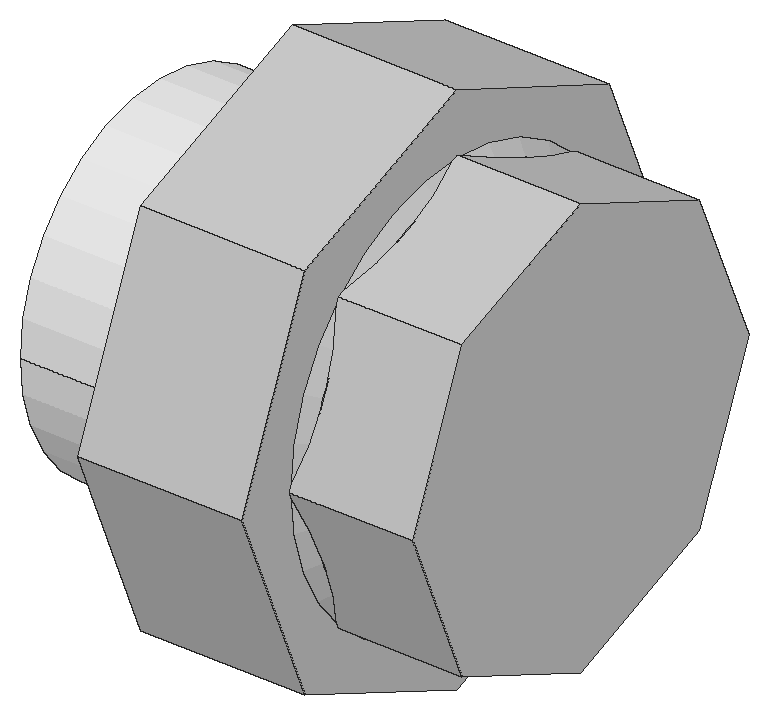
Revit family "PF_Соединение [фитинг полипропиленовый - разъемный с переходом на внутреннюю резьбу VTp.762.0]1 - VALTEC", category Соединительные детали трубопроводов, Revit 2019
Family settings
  Размер круглого соединителя = Использовать диаметр
  Тип детали = Соединение
  На основе рабочей плоскости = Нет
  Всегда вертикально = Да
  При загрузке вырезать с полостями = Нет
  Общий = Нет
Parameters (values of type "VTp.762.0")
  Таблица = "PF_Соединение [фитинг полипропиленовый - разъемный с переходом на внутреннюю резьбу VTp.762.0] - VALTEC"  # constant formula
  built-in parameter 1114238 [instance] = (empty or 0)
  Отразить [instance] = no
  Материал доп.1 = Сталь, нержавеющая - VALTEC
  Manufacturer = ""
  n [instance] = if(Отразить, 1 mm, 0 mm)  # 0 mm
  l9 [instance] = size_lookup(Таблица, "l9", 0 mm, n, d)  # 29 mm
  l8 [instance] = size_lookup(Таблица, "l8", 0 mm, n, d)  # 13 mm
  l6 [instance] = size_lookup(Таблица, "l6", 0 mm, n, d)  # 0 mm
  l4 [instance] = size_lookup(Таблица, "l4", 0 mm, n, d)  # 12.1 mm
  l3 [instance] = size_lookup(Таблица, "l3", 0 mm, n, d)  # 1 mm
  l2 [instance] = size_lookup(Таблица, "l2", 0 mm, n, d)  # 16 mm
  l10 [instance] = size_lookup(Таблица, "l10", 0 mm, n, d)  # 29 mm
  l1 [instance] = size_lookup(Таблица, "l1", 0 mm, n, d)  # 13 mm
  x2 [instance] = if(d < d2, dn2, 1 mm)  # 1 mm
  dn6 [instance] = size_lookup(Таблица, "dn6", 0 mm, n, d)  # 32 mm
  dn5 [instance] = size_lookup(Таблица, "dn5", 0 mm, n, d)  # 37.9 mm
  dn4 [instance] = size_lookup(Таблица, "dn4", 0 mm, n, d)  # 37.9 mm
  dn3 [instance] = size_lookup(Таблица, "dn3", 0 mm, n, d)  # 40.6 mm
  dn2 [instance] = size_lookup(Таблица, "dn2", 0 mm, n, d)  # 48.5 mm
  x1 [instance] = if(d < d2, 1 mm, dn2)  # 48.5 mm
  dn1 [instance] = size_lookup(Таблица, "dn1", 0 mm, n, d)  # 34 mm
  d2 [instance] = 25 mm
  d [instance] = 25 mm
  URL = "https://valtec.ru/"
  B [instance] = size_lookup(Таблица, "B", 0 mm, n, d)  # 16.5 mm
  ADSK_Примечание [instance] = ""
  ADSK_Позиция [instance] = ""
  ADSK_Обозначение [instance] = "VTp.762.0"  # constant formula
  ADSK_Наименование [instance] = size_lookup(Таблица, "", "Данный типоразмер отсутствует", n, d)  # "Фитинг разъемный полипропиленовый с переходом на внутреннюю резьбу, 25 мм х 1\""
  ADSK_Материал = Полипропилен - RGB 255 255 255
  ADSK_Масса [instance] = size_lookup(Таблица, "Масса", 0, n, d)  # 0.184
  ADSK_Марка [instance] = size_lookup(Таблица, "Маркировка", "Данный типоразмер отсутствует", n, d)  # "25х1\""
  ADSK_Код изделия [instance] = size_lookup(Таблица, "Код продукта", "Данный типоразмер отсутствует", n, d)  # "VTp.762.0.02506"
  ADSK_Завод-изготовитель [instance] = "VALTEC"  # constant formula
  ADSK_Единица измерения [instance] = "шт."  # constant formula
  ADSK_URL страницы изделия = "https://valtec.ru/catalog/sistemy_polipropilenovyh_truboprovodov/polipropilenovye_fitingi/fiting_razemnyj_polipropilenovyj_s_perehodom_na_vnutrennyuyu_rezbu.html"
  ADSK_URL документации изделия = "https://valtec.ru/document/technical/VTp.700-fitingi-0419.pdf"
  A [instance] = size_lookup(Таблица, "A", 0 mm, n, d)  # 41.1 mm
Reference planes
  plane 1 "По центру (Вперед/Назад)": y = 0
  plane 2: z = 0
  plane 3 "По центру (Влево/Вправо)": x = 0
  plane 4: x = -20.55
  plane 5: x = 20.55
  plane 6: y = -24.25
  plane 7: y = 24.25
  plane 8: y = -0.5
  plane 9: y = 0.5
  plane 10: x = -20.55
  plane 11: x = -7.55
  plane 12: x = 8.45
  plane 13: x = 9.45
  plane 14: x = 8.45
  plane 15: x = 20.55
  plane 16: x = -7.55
  plane 17: x = 8.45
Forms (mm)
  Extrusion 1, solid, material "Полипропилен - RGB 255 255 255" <- "ADSK_Материал", detail levels medium+fine
    sketch origin (0, 0, 0) x (0, 1, 0) y (0, 0, 1)
      loop
        circle (0, 0) r 17
    from -7.55 to -20.55
  Blend 2, solid, material "Сталь, нержавеющая - VALTEC" <- "Материал доп.1", detail levels medium+fine
    base sketch origin (0, 0, 0) x (0, 1, 0) y (0, 0, 1)
      loop
        circle (0, 0) r 20.3
    top sketch origin (0, 0, 0) x (0, 1, 0) y (0, 0, 1)
      loop
        circle (0, 0) r 18.95
    from 8.45 to 9.45
Lines and regions (mm)
  reference lines
    curve 1: line (20.55, 0, 0) -> (-20.55, 0, 0)
  model lines, detail levels coarse
    curve 2: line (-20.55, 24.25, 0) -> (20.55, 0.5, 0)
    curve 3: line (20.55, 0.5, 0) -> (20.55, -0.5, 0)
    curve 4: line (-20.55, 24.25, 0) -> (-20.55, -24.25, 0)
    curve 5: line (20.55, -0.5, 0) -> (-20.55, -24.25, 0)
Dimensions and locks
  equal spacing: plane 4, plane 3 "По центру (Влево/Вправо)", plane 5
  "A": plane 4 to plane 5
  equal spacing: plane 7, plane 1 "По центру (Вперед/Назад)", plane 6
  "x1": plane 7 to plane 6
  equal spacing: plane 8, plane 1 "По центру (Вперед/Назад)", plane 9
  "x2": plane 8 to plane 9
  "l1": plane 10 to plane 11
  "l2": plane 16 to plane 17
  "l3": plane 12 to plane 13
  "l4": plane 14 to plane 15
  "l8": plane 4 to plane 16
  "l9": plane 4 to plane 12
  "l10": plane 4 to plane 14
  "l6": plane 4 to plane 10
  "dn1": diameter of Extrusion 1 sketch curve
  "dn3": diameter of Blend 2 sketch curve
  "dn4": diameter of Blend 2 sketch curve
  aligned and locked: level to plane 2
  aligned and locked: plane 1 "По центру (Вперед/Назад)" to curve 1
  aligned and locked: plane 2 to Extrusion 1 sketch curve
  aligned and locked: plane 1 "По центру (Вперед/Назад)" to Extrusion 1 sketch curve
  aligned and locked: plane 2 to Blend 2 sketch curve  (x2)
  aligned and locked: plane 1 "По центру (Вперед/Назад)" to Blend 2 sketch curve  (x2)
  aligned and locked: plane 10 to Extrusion 1
  aligned and locked: Extrusion 1 to plane 11
  aligned and locked: plane 12 to Blend 2
  aligned and locked: Blend 2 to plane 13
  aligned and locked: plane 1 "По центру (Вперед/Назад)" to nested 1
  aligned and locked: plane 1 "По центру (Вперед/Назад)" to nested 2
  aligned and locked: plane 16 to nested 1
  aligned and locked: plane 14 to nested 2
  aligned and locked: plane 10 to curve 2
  aligned and locked: plane 15 to curve 2
  aligned and locked: plane 9 to curve 3
  aligned and locked: plane 8 to curve 3
  aligned and locked: plane 10 to curve 5
  aligned and locked: plane 6 to curve 4
  aligned and locked: plane 7 to curve 4
  aligned and locked: plane 5 to curve 1
  aligned and locked: plane 4 to curve 1
Nested families
  nested 1: "Гайка - горизонталь" at (0.45, 0, 0), d <- "dn2", l <- "l2", ADSK_Материал <- "Материал доп.1", type "Гайка - горизонталь", detail levels medium+fine
    with l 16 mm, d 48.5 mm, ADSK_Материал Сталь, нержавеющая - VALTEC
  nested 2: "Гайка - горизонталь" at (14.5, 0, 0), d <- "dn5", l <- "l4", ADSK_Материал <- "Материал доп.1", type "Гайка - горизонталь", detail levels medium+fine
    with l 12.1 mm, d 37.9 mm, ADSK_Материал Сталь, нержавеющая - VALTEC
Connectors
  piping at (20.55, 0, 0), diameter 25, driven by "d"
    settings: on curve 1, index 1, connector inside diameter 609.6 mm, connector length 0 mm, flow factor 0, pipe flow 0.0 L/s, pressure drop 0.0 Pa, fitting loss kfactor 0, connector angle 0.00°, fixture units 0, engagement length 0 mm, angle of deflection 0.00°, flow configuration 0, flow direction 0, fitting loss method 0, system type 28, joint type 0, gender type 0, connector reference index 2, connector utility 0, adjustable connector no, is connector primary yes, connector description ""
  piping at (-20.55, 0, 0), diameter 25, driven by "d2"
    settings: on curve 1, index 2, connector inside diameter 609.6 mm, connector length 0 mm, flow factor 0, pipe flow 0.0 L/s, pressure drop 0.0 Pa, fitting loss kfactor 0, connector angle 0.00°, fixture units 0, engagement length 0 mm, angle of deflection 0.00°, flow configuration 0, flow direction 0, fitting loss method 0, system type 28, joint type 0, gender type 0, connector reference index 1, connector utility 0, adjustable connector no, is connector primary no, connector description ""
Definition of nested family "Гайка - горизонталь"
  Parameters (values of type "Гайка - горизонталь")
    d [instance] = 588.881 mm
    l [instance] = 637.4 mm
    ADSK_Материал [instance] = none
  Reference planes
    plane 1 "По центру (Вперед/Назад)": y = 0
    plane 2: z = 0
    plane 3 "По центру (Влево/Вправо)": x = 0
    plane 4: y = 318.7
    plane 5: y = -318.7
    plane 6: through (0, -912.519, 2972.425) normal (0, -0.9239, -0.3827)
    plane 7: through (0, -1234.338, 2979.956) normal (0, -0.9239, -0.3827)
    plane 8: through (0, -1556.157, 2987.486) normal (0, -0.9239, -0.3827)
    plane 9: through (0, 1234.338, 2979.956) normal (0, -0.9239, 0.3827)
    plane 10: through (0, -2420.114, 1321.144) normal (0, -0.3827, -0.9239)
    plane 11: through (0, -2532.792, 1049.117) normal (0, -0.3827, -0.9239)
    plane 12: through (0, -2645.469, 777.089) normal (0, -0.3827, -0.9239)
    plane 13: through (0, 2420.114, 1321.144) normal (0, -0.3827, 0.9239)
    plane 14: through (0, 2532.792, 1049.117) normal (0, -0.3827, 0.9239)
    plane 15: through (0, 2645.469, 777.089) normal (0, -0.3827, 0.9239)
    plane 16: through (0, 912.519, 2972.425) normal (0, -0.9239, 0.3827)
    plane 17: through (0, 1234.338, 2979.956) normal (0, -0.9239, 0.3827)
    plane 18: through (0, 1556.157, 2987.486) normal (0, -0.9239, 0.3827)
    plane 19: x = 318.7
    plane 20: x = -318.7
  Forms (mm)
    Extrusion 1, solid, material <- "ADSK_Материал"
      sketch origin (0, 0, 0) x (0, 1, 0) y (0, 0, 1)
        loop
          line (0, 318.7) -> (-225.355, 225.355) -> (-318.7, 0) -> (-225.355, -225.355) -> (0, -318.7) -> (225.355, -225.355) -> (318.7, 0) -> (225.355, 225.355) -> (0, 318.7)
      from -318.7 to 318.7
  Lines and regions (mm)
    reference lines
      curve 1: line (0, -112.677, -272.027) -> (0, 112.677, 272.027)
      curve 2: line (0, -272.027, 112.677) -> (0, 272.027, -112.677)
  Dimensions and locks
    equal spacing: plane 4, plane 1 "По центру (Вперед/Назад)", plane 5
    locked: plane 4 to plane 5 at 637.4
    equal spacing: plane 8, plane 7, plane 6
    "d": plane 8 to plane 6
    equal spacing: plane 12, plane 11, plane 10
    "d": plane 12 to plane 10
    equal spacing: plane 15, plane 14, plane 13
    "d": plane 15 to plane 13
    equal spacing: plane 18, plane 17, plane 16
    "d": plane 18 to plane 16
    equal spacing: plane 20, plane 3 "По центру (Влево/Вправо)", plane 19
    "l": plane 20 to plane 19
    aligned and locked: level to plane 2
    aligned and locked: plane 10 to Extrusion 1 sketch curve
    aligned and locked: plane 13 to Extrusion 1 sketch curve
    aligned and locked: plane 16 to Extrusion 1 sketch curve
    aligned and locked: Extrusion 1 sketch curve to plane 8
    aligned and locked: Extrusion 1 sketch curve to plane 12
    aligned and locked: Extrusion 1 sketch curve to plane 15
    aligned and locked: Extrusion 1 sketch curve to plane 18
    aligned and locked: plane 6 to Extrusion 1 sketch curve
    aligned and locked: plane 19 to Extrusion 1
    aligned and locked: plane 20 to Extrusion 1
    aligned and locked: Extrusion 1 to plane 19
    aligned and locked: plane 16 to curve 2
    aligned and locked: plane 18 to curve 2
    aligned and locked: curve 2 to plane 11
    aligned and locked: plane 12 to curve 1
    aligned and locked: plane 10 to curve 1
    aligned and locked: curve 1 to plane 17
